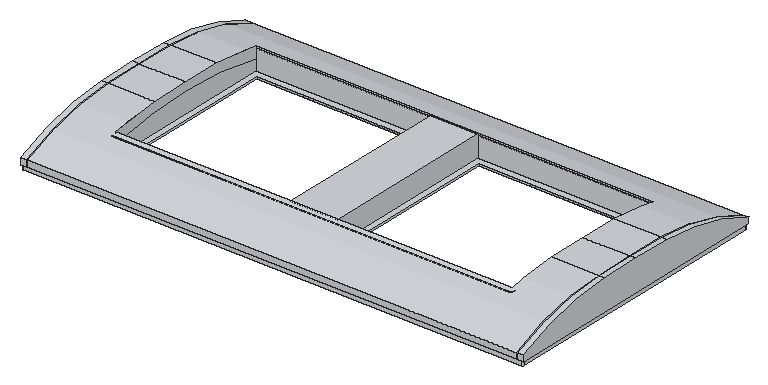
Revit family "Gira_0212771", category Electrical Fixtures, host Face, Revit 2017
Family settings
  Host = Face
  Maintain Annotation Orientation = No
  Round Connector Dimension = Use Diameter
  Part Type = Normal
  Cut with Voids When Loaded = No
  Shared = No
  Room Calculation Point = No
Parameters (values of type "Abdeckrahmen 2f Zwischenr. CW Gira Event Klar Sand")
  Werkstoffgüte = "Thermoplast"
  Werkstoff = "Kunststoff"
  URL = "http://katalog.gira.de/de_DE/datenblatt.html?artikelnr=0212771"
  Transparent = "No"
  Textfeld/Beschriftungsfläche = "No"
  Schutzart (IP) = "IP20"
  Region = "DE"
  Oberfläche = "sonstige"
  Name = "Abdeckrahmen 2f Zwischenr. CW Gira Event Klar Sand"
  Montagerichtung = "horizontal und vertikal"
  Mit Montagerahmen = "No"
  Mit Klappdeckel = "No"
  Manufacturer URL = "https://www.gira.de/"
  Keynote = "Event_Rahmen_2fach"
  HeinzeBIM = "https://bimportal.heinze.de/bim/abdeckrahmen-2f-zwischenr-cw-gira-event-klar-sand/9b194fef88ecbf383a1908b50e8dccdf6b59daec"
  Halogenfrei = "Yes"
  HAN = "0212771"
  Geeignet für Unterputz-Installation = "Yes"
  Geeignet für Unterflurkanaldose = "No"
  Geeignet für Geräteeinbaukanal = "No"
  Geeignet für Einbauinstallation = "No"
  GTIN = "4010337069508"
  Farbe = "sonstige"
  Default Elevation = 1219.2 mm
  Data sheet (1) = "https://katalog.gira.de/de_DE/download.html?artikelnr=0212771"
  Category = "Abdeckrahmen"
  Befestigungsart = "Klemmbefestigung"
  Available = "Yes"
  Ausführung der Oberfläche = "glänzend"
  Anzahl der Einheiten vertikal = "2 "
  Anzahl der Einheiten horizontal = "2 "
  Anzahl der Einheiten = "2 "
Reference planes
  plane 1 "Center (Front/Back)": y = 0
  plane 2: z = 0
  plane 3 "Center (Left/Right)": x = 0
Forms (mm)
  Extrusion 1, solid, detail levels fine
    sketch origin (0, 0, 0.05) x (0, 1, 0) y (0, 0, 1)
      loop
        arc (12.445, 9.683) -> (6.223, 9.833) -> (0, 9.85) r 291.636
        arc (0, 9.85) -> (-6.223, 9.833) -> (-12.445, 9.683) r 291.636
        arc (-12.445, 9.683) -> (-29.14, 7.482) -> (-45, 1.823) r 79.728
        line (-45, 1.823) -> (-45, -0.05) -> (-42.086, -0.05)
        arc (-42.086, -0.05) -> (-21.385, 5.559) -> (0, 7.206) r 114.424
        arc (0, 7.206) -> (21.385, 5.559) -> (42.086, -0.05) r 114.424
        line (42.086, -0.05) -> (45, -0.05) -> (45, 1.823)
        arc (45, 1.823) -> (29.14, 7.482) -> (12.445, 9.683) r 79.728
    from -78.55 to 78.55
  Extrusion 2, void, detail levels fine
    sketch origin (0, 0, 0) x (1, 0, 0) y (0, 1, 0)
      loop
        line (-63.55, -27.937) -> (63.55, -27.937) -> (63.55, 28.063) -> (-63.55, 28.063) -> (-63.55, -27.937)
    from 0.724 to 11
  Extrusion 3, solid, detail levels coarse
    sketch origin (0, 0, 0) x (1, 0, 0) y (0, 1, 0)
      loop
        line (-80.55, 45) -> (-80.55, -45) -> (80.55, -45) -> (80.55, 45) -> (-80.55, 45)
    from -1.5 to 9.9
  Extrusion 4, solid, detail levels medium
    sketch origin (0, 0, 0.05) x (0, 1, 0) y (0, 0, 1)
      loop
        arc (12.445, 9.683) -> (6.223, 9.833) -> (0, 9.85) r 291.636
        arc (0, 9.85) -> (-6.223, 9.833) -> (-12.445, 9.683) r 291.636
        arc (-12.445, 9.683) -> (-29.14, 7.482) -> (-45, 1.823) r 79.728
        line (-45, 1.823) -> (-45, -0.05) -> (45, -0.05) -> (45, 1.823)
        arc (45, 1.823) -> (29.14, 7.482) -> (12.445, 9.683) r 79.728
    from -80.55 to 80.55
  Extrusion 5, solid, detail levels fine
    sketch origin (-35.55, 0, -1.5) x (0, 1, 0) y (0, 0, -1)
      loop
        line (45, -3.373) -> (45, -1.5) -> (-45, -1.5) -> (-45, -3.373)
        arc (-45, -3.373) -> (-29.14, -9.032) -> (-12.445, -11.233) r 79.728
        arc (-12.445, -11.233) -> (-6.223, -11.383) -> (0, -11.4) r 291.636
        arc (0, -11.4) -> (6.223, -11.383) -> (12.445, -11.233) r 291.636
        arc (12.445, -11.233) -> (29.14, -9.032) -> (45, -3.373) r 79.728
    from 43 to 45
  Extrusion 6, solid, detail levels fine
    sketch origin (0, 0, 0) x (1, 0, 0) y (0, 1, 0)
      loop
        line (-61.45, 25.7) -> (-61.45, -25.7) -> (-9.65, -25.7) -> (-9.65, 25.7) -> (-61.45, 25.7)
      loop
        line (61.45, -25.7) -> (61.45, 25.7) -> (9.65, 25.7) -> (9.65, -25.7) -> (61.45, -25.7)
      loop
        line (-64.445, 28.49) -> (-64.445, -28.495)
        spline (-64.445, -28.495) -> (-64.436, -28.625) -> (-64.411, -28.754) -> (-64.369, -28.878) -> (-64.311, -28.995) -> (-64.238, -29.104) -> (-64.152, -29.202) -> (-64.054, -29.288) -> (-63.945, -29.361) -> (-63.828, -29.419) -> (-63.704, -29.461) -> (-63.575, -29.486) -> (-63.445, -29.495)
        line (-63.445, -29.495) -> (63.445, -29.495)
        spline (63.445, -29.495) -> (63.575, -29.486) -> (63.704, -29.461) -> (63.828, -29.419) -> (63.945, -29.361) -> (64.054, -29.288) -> (64.152, -29.202) -> (64.238, -29.104) -> (64.311, -28.995) -> (64.369, -28.878) -> (64.411, -28.754) -> (64.436, -28.625) -> (64.445, -28.495)
        line (64.445, -28.495) -> (64.445, 28.49)
        spline (64.445, 28.49) -> (64.436, 28.62) -> (64.411, 28.748) -> (64.369, 28.872) -> (64.311, 28.99) -> (64.238, 29.098) -> (64.152, 29.197) -> (64.054, 29.283) -> (63.945, 29.356) -> (63.828, 29.413) -> (63.704, 29.456) -> (63.575, 29.481) -> (63.445, 29.49)
        line (63.445, 29.49) -> (-63.445, 29.49)
        spline (-63.445, 29.49) -> (-63.575, 29.481) -> (-63.704, 29.456) -> (-63.828, 29.413) -> (-63.945, 29.356) -> (-64.054, 29.283) -> (-64.152, 29.197) -> (-64.238, 29.098) -> (-64.311, 28.99) -> (-64.369, 28.872) -> (-64.411, 28.748) -> (-64.436, 28.62) -> (-64.445, 28.49)
    from 0.1 to 7.3
  Extrusion 7, solid
    sketch origin (0, 0, 0) x (1, 0, 0) y (0, 1, 0)
      loop
        arc (-80.25, -44.2) -> (-80.104, -44.554) -> (-79.75, -44.7) r 0.5
        line (-79.75, -44.7) -> (79.75, -44.7)
        arc (79.75, -44.7) -> (80.104, -44.554) -> (80.25, -44.2) r 0.5
        line (80.25, -44.2) -> (80.25, 44.2)
        arc (80.25, 44.2) -> (80.104, 44.554) -> (79.75, 44.7) r 0.5
        line (79.75, 44.7) -> (-79.75, 44.7)
        arc (-79.75, 44.7) -> (-80.104, 44.554) -> (-80.25, 44.2) r 0.5
        line (-80.25, 44.2) -> (-80.25, -44.2)
      loop
        line (-78.55, 43) -> (-78.55, -43) -> (78.55, -43) -> (78.55, 43) -> (-78.55, 43)
    from -1.5 to 0.5
  Extrusion 8, solid, detail levels fine
    sketch origin (35.55, 0, -1.5) x (0, 1, 0) y (0, 0, 1)
      loop
        arc (45, 3.373) -> (29.14, 9.032) -> (12.445, 11.233) r 79.728
        arc (12.445, 11.233) -> (6.223, 11.383) -> (0, 11.4) r 291.636
        arc (0, 11.4) -> (-6.223, 11.383) -> (-12.445, 11.233) r 291.636
        arc (-12.445, 11.233) -> (-29.14, 9.032) -> (-45, 3.373) r 79.728
        line (-45, 3.373) -> (-45, 1.5) -> (45, 1.5) -> (45, 3.373)
    from 43 to 45
  Extrusion 9, solid, detail levels medium
    sketch origin (0, 0, 0) x (1, 0, 0) y (0, 1, 0)
      loop
        line (-80.25, -44.7) -> (80.25, -44.7) -> (80.25, 44.7) -> (-80.25, 44.7) -> (-80.25, -44.7)
    from -1.5 to 0.5
  Extrusion 10, solid, detail levels fine
    sketch origin (0, 0, 0) x (1, 0, 0) y (0, 1, 0)
      loop
        line (-7.55, 28.063) -> (-7.55, -27.937) -> (7.55, -27.937) -> (7.55, 28.063) -> (-7.55, 28.063)
    from 0.724 to 7.566
Cuts and joins
  Extrusion 2 cuts Extrusion 1
  Extrusion 2 cuts Extrusion 6
Dimensions and locks
  aligned and locked: plane 2 to host face
  aligned and locked: level to host face
